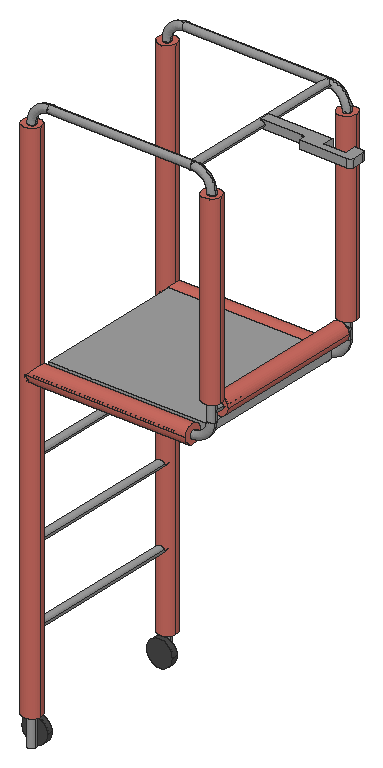
Revit family "Platform_Officials_Adjustable-Clamp-On_VB73A", category Generic Models, Revit 2018
Family settings
  Can host rebar = No
  Round Connector Dimension = Use Diameter
  Part Type = Normal
  OmniClass Number = 23.40.50.34.14
  OmniClass Title = Gymnasium Equipment
  Work Plane-Based = No
  Always vertical = Yes
  Cut with Voids When Loaded = No
  Shared = No
  Room Calculation Point = No
Parameters
  Width = 1' - 11"
  URL = "https://ipibybison.com/"
  Test Data = "http://www.ipibybison.com/ToolBox.php"
  Specification = "https://www.arcat.com/arcatcos/cos49/arc49571.html"
  Sales Information = "http://www.ipibybison.com/DealersPage.php"
  Revision = "R1_2018-09"
  Product Data = "http://www.arcat.com/arcatcos/cos38/arc38554.html"
  Platform Height [instance] = 3' - 9.75607"
  Padding = Padding - Specify Color
  Model = "As Specified"
  Manufacturer Website = "http://www.ipibybison.com/"
  Manufacturer Phone - Toll Free = "888-438-5311"
  Manufacturer Phone = "888-438-5311"
  Manufacturer Fax = "888-438-5312"
  Manufacturer Address = "603 L St.   Lincoln, NE 68508"
  Manufacturer = "BRP by bison"
  Length = 2' - 11"
  Keynote = "11 66 00"
  Installation-Fabrication = "http://www.ipibybison.com/InstallersPage.php"
  Height [instance] = Platform Height + 2' 8 3/4"  # 6' - 6.50607"
  Green Building-LEED = "https://www.arcat.com/green/green_building.shtml"
  Frame Material = Powder Coat - Gray
  Drawn By = "Sumex Design, Inc. / Robert S. Weygant, CSI, CDT, SCIP"
  Description = "IPI by Bison Gymnasium Equipment"
  Copyright = "©Arcat Inc."
  Construction Details = "https://www.arcat.com/downloads/38554-brpbis/bim/bison/BRP%20by%20bison"
  Category = ""
  Building Codes = "https://www.brpbybison.com/submittals.html"
Reference planes (in)
  plane 1 "Center (Front/Back)": y = 0
  plane 2 "Bottom": z = 0
  plane 3 "Center (Left/Right)": x = 0
  plane 4: x = -7.5
  plane 5: x = 1.5
  plane 6: x = -1.5
  plane 7 "Front": x = 3
  plane 8 "Back": x = -32
  plane 9 "Right": y = 11.5
  plane 10 "Left": y = -11.5
  plane 11: z = 45.75607
  plane 12 "Top": z = 78.50607
  plane 13: z = 4
  plane 14: z = 75.91302
  plane 15: z = 48.34912
  plane 16: x = -10.09305
  plane 17: y = 10.25
  plane 18: y = -10.25
  plane 19: z = 50.84912
  plane 20: z = 49.59912
  plane 21: z = 46.75607
  plane 22: z = 35.31705
  plane 23: z = 24.87804
  plane 24: z = 14.43902
  plane 25: z = 1.75
Forms (in)
  Sweep 1, solid, material "Powder Coat - Gray" <- "Frame Material"
    path origin (0, -11.5, 0) x (-1, 0, 0) y (0, 0, 1)
      loop
        line (32, 0) -> (32, 76.00364)
        arc (32, 76.00364) -> (31.26706, 77.77313) -> (29.49757, 78.50607) r 2.50243
        line (29.49757, 78.50607) -> (10.00243, 78.50607)
        arc (10.00243, 78.50607) -> (8.23294, 77.77313) -> (7.5, 76.00364) r 2.50243
        line (7.5, 76.00364) -> (7.5, 48.25364)
        arc (7.5, 48.25364) -> (8.23152, 46.48759) -> (9.99757, 45.75607) r 2.49757
        line (9.99757, 45.75607) -> (31.5, 45.75607)
    profile origin (-32, -11.5, 38.00182) x (1, 0, 0) y (0, 1, 0)
      loop
        circle (0, 0) r 0.5
  Extrusion 2, solid, material "Padding - Specify Color" <- "Padding"
    sketch origin (0, 0, 0) x (1, 0, 0) y (0, 1, 0)
      loop
        circle (-32, -11.5) r 1.25
      loop
        circle (-32, 11.5) r 1.25
    from 4 to 75.91302
  Extrusion 3, solid, material "Padding - Specify Color" <- "Padding"
    sketch origin (0, 0, 0) x (1, 0, 0) y (0, 1, 0)
      loop
        circle (-7.5, 11.5) r 1.25
      loop
        circle (-7.5, -11.5) r 1.25
    from 50.84912 to 75.91302
  Sweep 4, solid, material "Powder Coat - Gray" <- "Frame Material"
    path origin (0, 11.5, 0) x (-1, 0, 0) y (0, 0, 1)
      loop
        line (32, 0) -> (32, 76)
        arc (32, 76) -> (31.26777, 77.76777) -> (29.5, 78.5) r 2.5
        line (29.5, 78.5) -> (10, 78.5)
        arc (10, 78.5) -> (8.23223, 77.76777) -> (7.5, 76) r 2.5
        line (7.5, 76) -> (7.5, 48.25364)
        arc (7.5, 48.25364) -> (8.23152, 46.48759) -> (9.99757, 45.75607) r 2.49757
        line (9.99757, 45.75607) -> (31.5, 45.75607)
    profile origin (-32, 11.5, 38) x (1, 0, 0) y (0, 1, 0)
      loop
        circle (0, 0) r 0.5
  Extrusion 5, solid, material "Padding - Specify Color" <- "Padding"
    sketch origin (0, 0, 0) x (0, 1, 0) y (0, 0, 1)
      loop
        circle (11.5, 45.75607) r 1.25
      loop
        circle (-11.5, 45.75607) r 1.25
    from -32 to -10.09305
  Extrusion 6, solid, material "Padding - Specify Color" <- "Padding"
    sketch origin (0, 11.5, 0) x (-1, 0, 0) y (0, 0, 1)
      loop
        circle (7.5, 49.59912) r 1.25
    from -21.75 to -1.25
  Extrusion 7, solid, material "Powder Coat - Gray" <- "Frame Material"
    sketch origin (0, 11.5, 0) x (-1, 0, 0) y (0, 0, 1)
      loop
        circle (7.5, 49.59912) r 0.5
      loop
        circle (32, 35.31705) r 0.5
      loop
        circle (32, 24.87804) r 0.5
      loop
        circle (32, 14.43902) r 0.5
    from -23 to 0
  Extrusion 8, solid, material "Powder Coat - Gray" <- "Frame Material"
    sketch origin (0, 11.5, 0) x (-1, 0, 0) y (0, 0, 1)
      loop
        circle (10.09305, 78.50607) r 0.5
    from -23 to 0
  Extrusion 9, solid, material "Powder Coat - Gray" <- "Frame Material"
    sketch origin (0, 11.5, 0) x (-1, 0, 0) y (0, 0, 1)
      loop
        line (30.75, 45.75607) -> (30.75, 46.75607) -> (8.75, 46.75607) -> (8.75, 45.75607) -> (30.75, 45.75607)
    from -21.75 to -1.25
  Extrusion 10, solid, material "Plastic, Opaque Black"
    sketch origin (0, 11.5, 0) x (-1, 0, 0) y (0, 0, 1)
      loop
        circle (32, 1.75) r 1.75
    from -1.25 to -0.54913
  Extrusion 11, solid, material "Plastic, Opaque Black"
    sketch origin (0, -11.5, 0) x (-1, 0, 0) y (0, 0, -1)
      loop
        circle (32, -1.75) r 1.75
    from -1.25 to -0.54913
  Extrusion 12, solid, material "Powder Coat - Gray" <- "Frame Material"
    sketch origin (0, 0, 0) x (1, 0, 0) y (0, 1, 0)
      loop
        line (-10.09305, 1.5) -> (-10.09305, 0) -> (-4.5, 0)
        arc (-4.5, 0) -> (-4.14645, -0.14645) -> (-4, -0.5) r 0.5
        line (-4, -0.5) -> (-4, -1) -> (2.5, -1)
        arc (2.5, -1) -> (2.85355, -0.85355) -> (3, -0.5) r 0.5
        line (3, -0.5) -> (3, 1)
        arc (3, 1) -> (2.85355, 1.35355) -> (2.5, 1.5) r 0.5
        line (2.5, 1.5) -> (1.5, 1.5) -> (1.5, 0) -> (-1.5, 0) -> (-1.5, 1.5) -> (-10.09305, 1.5)
    from 77.97277 to 79.03937
Dimensions and locks (in)
  equal spacing: plane 6, plane 3 "Center (Left/Right)", plane 5
  locked: plane 6 to plane 5 at 3
  locked: plane 5 to plane 7 "Front" at 1.5
  equal spacing: plane 9 "Right", plane 1 "Center (Front/Back)", plane 10 "Left"
  "Width": plane 9 "Right" to plane 10 "Left"
  "Length": plane 8 "Back" to plane 7 "Front"
  locked: plane 8 "Back" to plane 4 at 24.5
  "Platform Height": plane 11 to level
  locked: plane 12 "Top" to plane 11 at 32.75
  locked: plane 13 to level at 4
  locked: plane 12 "Top" to plane 14 at 2.59305
  locked: plane 15 to plane 11 at 2.59305
  locked: plane 4 to plane 16 at 2.59305
  locked: plane 9 "Right" to plane 17 at 1.25
  locked: plane 10 "Left" to plane 18 at 1.25
  equal spacing: plane 19, plane 20, plane 15
  locked: plane 19 to plane 15 at 2.5
  locked: plane 21 to plane 11 at 1
  equal spacing: plane 11, plane 22, plane 23, plane 24, plane 13
  locked: plane 25 to level at 1.75
  locked: Extrusion 10 to plane 17 at 0.70087
  locked: Extrusion 11 to plane 18 at 0.70087
  equal spacing: Extrusion 12, plane 12 "Top", Extrusion 12
  locked: Extrusion 12 to Extrusion 12 at 1.06661
  aligned and locked: plane 2 "Bottom" to level
  aligned and locked: Sweep 1 sketch curve to plane 12 "Top"
  aligned and locked: plane 8 "Back" to Sweep 1 sketch curve  (x2)
  aligned and locked: Sweep 1 sketch curve to plane 4
  aligned and locked: plane 11 to Sweep 1 sketch curve
  aligned and locked: plane 10 "Left" to Sweep 1 sketch curve
  aligned and locked: plane 8 "Back" to Extrusion 2 sketch curve  (x2)
  aligned and locked: plane 10 "Left" to Extrusion 2 sketch curve
  aligned and locked: plane 14 to Extrusion 2
  aligned and locked: Extrusion 2 to plane 13
  aligned and locked: plane 9 "Right" to Extrusion 2 sketch curve
  aligned and locked: plane 4 to Extrusion 3 sketch curve  (x2)
  aligned and locked: plane 9 "Right" to Extrusion 3 sketch curve
  aligned and locked: plane 10 "Left" to Extrusion 3 sketch curve
  aligned and locked: plane 14 to Extrusion 3
  aligned and locked: plane 9 "Right" to Extrusion 5 sketch curve
  aligned and locked: plane 11 to Extrusion 5 sketch curve  (x2)
  aligned and locked: plane 10 "Left" to Extrusion 5 sketch curve
  aligned and locked: Extrusion 5 to plane 8 "Back"
  aligned and locked: plane 16 to Extrusion 5
  aligned and locked: plane 19 to Extrusion 3
  aligned and locked: plane 4 to Extrusion 6 sketch curve
  aligned and locked: plane 20 to Extrusion 6 sketch curve
  aligned and locked: plane 17 to Extrusion 6
  aligned and locked: plane 18 to Extrusion 6
  aligned and locked: plane 4 to Extrusion 7 sketch curve
  aligned and locked: plane 20 to Extrusion 7 sketch curve
  aligned and locked: Extrusion 7 to plane 10 "Left"
  aligned and locked: plane 9 "Right" to Extrusion 7
  aligned and locked: plane 16 to Extrusion 8 sketch curve
  aligned and locked: plane 12 "Top" to Extrusion 8 sketch curve
  aligned and locked: Extrusion 8 to plane 10 "Left"
  aligned and locked: plane 9 "Right" to Extrusion 8
  aligned and locked: Extrusion 9 sketch curve to plane 11
  aligned and locked: Extrusion 9 to plane 21
  aligned and locked: plane 17 to Extrusion 9
  aligned and locked: plane 18 to Extrusion 9
  aligned and locked: plane 22 to Extrusion 7 sketch curve
  aligned and locked: plane 8 "Back" to Extrusion 7 sketch curve  (x3)
  aligned and locked: plane 23 to Extrusion 7 sketch curve
  aligned and locked: plane 24 to Extrusion 7 sketch curve
  aligned and locked: level to Sweep 1 sketch curve
  aligned and locked: plane 8 "Back" to Extrusion 10 sketch curve
  aligned and locked: plane 25 to Extrusion 10 sketch curve
  aligned and locked: plane 8 "Back" to Extrusion 11 sketch curve
  aligned and locked: plane 25 to Extrusion 11 sketch curve
  aligned and locked: level to Sweep 4 sketch curve
  aligned and locked: plane 1 "Center (Front/Back)" to Extrusion 12 sketch curve
  aligned and locked: Extrusion 12 sketch curve to plane 1 "Center (Front/Back)"
  aligned and locked: plane 16 to Extrusion 12 sketch curve
  aligned and locked: Extrusion 12 sketch curve to plane 6
  aligned and locked: plane 5 to Extrusion 12 sketch curve
  aligned and locked: Extrusion 12 sketch curve to plane 7 "Front"
Automatic sketch dimensions
  plane 16 to Sweep 1 sketch curve = 0' - 0.09548"
  plane 14 to Sweep 1 sketch curve = 0' - 0.09062"
  plane 8 "Back" to Sweep 1 sketch curve = 0' - 2.50243"
  plane 8 "Back" to Sweep 1 sketch curve = 0' - 0 1/2"
  Sweep 4 sketch curve to plane 4 = 0' - 0"
  Sweep 4 sketch curve to plane 11 = 0' - 0"
  Sweep 4 sketch curve to plane 12 "Top" = 0' - 0.00607"
  Sweep 4 sketch curve to plane 8 "Back" = 0' - 0"
  plane 16 to Sweep 4 sketch curve = 0' - 0.09548"
  plane 14 to Sweep 4 sketch curve = 0' - 0.08698"
  plane 8 "Back" to Sweep 4 sketch curve = 0' - 2 1/2"
  plane 8 "Back" to Sweep 4 sketch curve = 0' - 0 1/2"
  Sweep 4 sketch curve to plane 9 "Right" = 0' - 0"
  Sweep 4 sketch curve to profile plane = 0' - 0"
  plane 21 to Extrusion 9 sketch curve = 0' - 0"
  Extrusion 9 sketch curve to plane 4 = 0' - 1 1/4"
  plane 8 "Back" to Extrusion 9 sketch curve = 0' - 1 1/4"
  plane 1 "Center (Front/Back)" to Extrusion 12 sketch curve = 0' - 0 1/2"
  plane 4 to Extrusion 12 sketch curve = 0' - 3"
  Extrusion 12 sketch curve to plane 7 "Front" = 0' - 0 1/2"
  Extrusion 12 sketch curve to Extrusion 12 sketch curve = 0' - 0 1/2"
  plane 1 "Center (Front/Back)" to Extrusion 12 sketch curve = 0' - 1"
  Extrusion 12 sketch curve to plane 1 "Center (Front/Back)" = 0' - 1"
  Extrusion 12 sketch curve to plane 1 "Center (Front/Back)" = 0' - 1 1/2"
  radius of Sweep 1 sketch curve = 0' - 0 1/2"
  radius of Extrusion 2 sketch curve = 0' - 1 1/4"  (x2)
  radius of Extrusion 3 sketch curve = 0' - 1 1/4"  (x2)
  radius of Sweep 4 sketch curve = 0' - 0 1/2"
  radius of Extrusion 5 sketch curve = 0' - 1 1/4"  (x2)
  radius of Extrusion 6 sketch curve = 0' - 1 1/4"
  radius of Extrusion 7 sketch curve = 0' - 0 1/2"  (x4)
  radius of Extrusion 8 sketch curve = 0' - 0 1/2"
  radius of Extrusion 10 sketch curve = 0' - 1 3/4"
  radius of Extrusion 11 sketch curve = 0' - 1 3/4"
